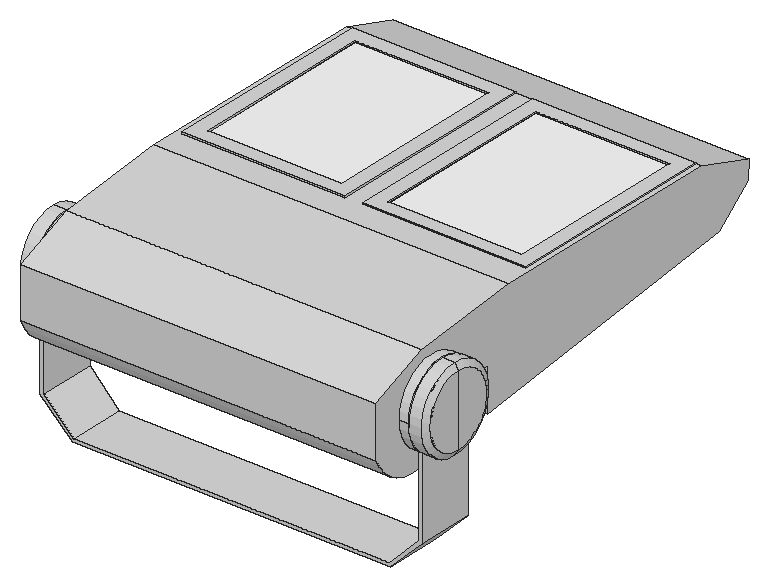
Revit family "0049113 Feilo Sylvania Lighting Fixture SYLVEO LED 12000LM WIDE 4K", category Lighting Fixtures, host Face, Revit 2017
Family settings
  Host = Face
  Round Connector Dimension = Use Diameter
  Part Type = Normal
  Cut with Voids When Loaded = No
  Light Source = No
  Shared = No
  Room Calculation Point = No
Parameters (values of type "0049113 SYLVEO LED 12000LM WIDE 4K")
  Weight = "8.366 kg"
  Wattage Comments = "n/a"
  WarrantyStartDate [instance] = "n/a"
  WarrantyGuarantorParts = "n/a"
  WarrantyDurationUnit = "n/a"
  WarrantyDurationParts = "n/a"
  WarrantyDescription = "n/a"
  Voltage = 230 V
  URL = "http://www.sylvania-lighting.com"
  TypeName = "SYLVEO LED 12000LM WIDE 4K"
  TypeBody_FEILO = Sylveo Large Body : 0049113 SYLVEO LED 12000LM WIDE 4K
  Type Image = <None>
  Type Comments = "n/a"
  TotalWidth = 344 mm
  TiltAngle [instance] = 0.00°
  StartAngle [instance] = -TiltAngle  # 0.00°
  SerialNumber [instance] = "n/a"
  PowerFactor = 0
  PowerConsumption = "121.5 W"
  NominalWidth = 0 mm
  NominalLength = 344 mm
  NominalHeight = 392 mm
  Name = "SYLVEO LED 12000LM WIDE 4K"
  ModelReference = "SYLVEO LED 12000LM WIDE 4K"
  ModelNumber = "0049113"
  Model = "SYLVEO LED 12000LM WIDE 4K"
  Material_4_FEILO = none
  Material_3_FEILO = none
  Material_2_FEILO = none
  Material_1_FEILO = Body-Sylvania-Sylveo-Aluminium
  Material = "aluminium housing, glass diffuser"
  ManufacturerName = "Feilo Sylvania"
  Manufacturer = "Feilo Sylvania"
  LuminousEfficacy = "108.3 lm/W"
  LuminaireType = ""
  LightOutputRatio = "100"
  LampsType = Lamp  # "LED"
  LampNominalLuminous = "13159 lm"
  LampMacAdamStep = "6"
  LampColourTemperature = "4000 K"
  LampColourRenderingIndex = "70"
  Lamp = "LED"
  Keynote = "16500"
  InstallationDate [instance] = "n/a"
  InputVoltage = "100-240V~"
  InputNominalFrequency = "50 Hz"
  IngressProtection = "IP66"
  ImpactProtectionIndex = "IK08"
  IfcExportType = "IfcLightFixtureType"
  IfcExportAs = "IfcLightFixtureType"
  HingeHeight = 121 mm
  ExpectedLife = 50000
  EndAngle [instance] = StartAngle + 180.00°  # 180.00°
  ElectricShockClassification = "Class I"
  DurationUnit = "hours"
  DocumentationLiterature = "http://www.sylvania-lighting.com/product/en-int/products/0049113"
  DimmingControlOptions = "Non dimmable"
  Description = "Exterior LED Floodlight, comes complete with a 1000mm cable and adjustable bracket, aluminium housing, clear glass diffuser, IP66, IK08, Class I, 4000K, Non-dimming, 13159lm, 122W, 108lm/W, 3600mA, CRI70, 52° beam angle, 50000hrs, (LxWxD) 98x344x392mm"
  Default Elevation = 1219.2 mm
  CreatedOn = "12/18/2017"
  CreatedBy = ""
  Cost = 0
  built-in parameter 1114216 [instance] = (empty or 0)
  ClassificationValue = "EF_70_80"
  ClassificationName = "Uniclass2015"
  Calculate Coefficient of Utilization = no
  BracketWidth = 48 mm
  BracketThickness = 3 mm
  BracketOuterWidth = BracketInnerWidth + 2 * BracketThickness  # 322 mm
  BracketInnerWidth = 316 mm
  BracketFold = 25 mm
  BracketExtrusionStart = -BracketWidth / 2  # -24 mm
  BracketExtrusionEnd = BracketWidth / 2  # 24 mm
  BarCode [instance] = "n/a"
  AssetType = "Fixed"
  AssetIdentifier [instance] = "n/a"
  Assembly Code = "D5020200"
  Apparent Load = 121.5 VA
Reference planes
  plane 1 "Center (Front/Back)": y = 0
  plane 2: z = 0
  plane 3 "Center (Left/Right)": x = 0
  plane 4: x = 158
  plane 5: x = -158
  plane 6: z = 121
  plane 7: x = 172
  plane 8: x = -172
  plane 9: z = 156
  plane 10: z = 86
  plane 11: x = 169
  plane 12: x = -169
  plane 13: x = 161
  plane 14: x = -161
  plane 15: z = 3
  plane 16: z = 28
  plane 17: x = 133
  plane 18: x = -133
  plane 19: z = 91
Forms (mm)
  Extrusion 1, solid, material "Body-Sylvania-Sylveo-Aluminium" <- "Material_1_FEILO"
    sketch origin (0, 0, 0) x (1, 0, 0) y (0, 0, 1)
      loop
        line (0, 3) -> (0, 0) -> (133.828, 0) -> (161, 27.172) -> (161, 121) -> (158, 121) -> (158, 28) -> (133, 3) -> (0, 3)
    from -24 <- "BracketExtrusionStart" to 24 <- "BracketExtrusionEnd"
  Extrusion 2, solid, material "Body-Sylvania-Sylveo-Aluminium" <- "Material_1_FEILO"
    sketch origin (0, 0, 0) x (-1, 0, 0) y (0, 0, -1)
      loop
        line (0, -3) -> (133, -3) -> (158, -28) -> (158, -121) -> (161, -121) -> (161, -27.172) -> (133.828, 0) -> (0, 0) -> (0, -3)
    from -24 <- "BracketExtrusionStart" to 24 <- "BracketExtrusionEnd"
  Revolve 3, solid, material "Body-Sylvania-Sylveo-Aluminium" <- "Material_1_FEILO"
    sketch origin (0, 0, 0) x (1, 0, 0) y (0, 0, 1)
      loop
        line (-158, 121) -> (-172, 121) -> (-172, 91) -> (-169, 86) -> (-158, 86) -> (-158, 121)
      axis (-158, 121) -> (-172, 121)
    angle from 0 to 360
  Revolve 4, solid, material "Body-Sylvania-Sylveo-Aluminium" <- "Material_1_FEILO"
    sketch origin (0, 0, 0) x (-1, 0, 0) y (0, 0, 1)
      loop
        line (-158, 121) -> (-172, 121) -> (-172, 91) -> (-169, 86) -> (-158, 86) -> (-158, 121)
      axis (-158, 121) -> (-172, 121)
    angle from 0 to 360
  Revolve 5, solid, not visible
    sketch origin (181.107, 0, 121) x (1, 0, 0) y (0, 1, 0)
      loop
        line (-191.101, 0) -> (-171.112, 0) -> (-171.112, 10) -> (-191.101, 10) -> (-191.101, 0)
      axis (-171.112, 0) -> (-191.101, 0)
    angle from 0 <- "StartAngle" to 180 <- "EndAngle"
Cuts and joins
  joined: Extrusion 1, Extrusion 2, Revolve 3, Revolve 4
Dimensions and locks
  equal spacing: plane 5, plane 3 "Center (Left/Right)", plane 4
  equal spacing: plane 7, plane 3 "Center (Left/Right)", plane 8
  "TotalWidth": plane 7 to plane 8
  "HingeHeight": plane 2 to plane 6
  equal spacing: plane 10, plane 6, plane 9
  locked: plane 10 to plane 9 at 70
  equal spacing: plane 11, plane 3 "Center (Left/Right)", plane 12
  locked: plane 11 to plane 12 at 338
  equal spacing: plane 13, plane 3 "Center (Left/Right)", plane 14
  "BracketThickness": plane 2 to plane 15
  equal spacing: plane 17, plane 3 "Center (Left/Right)", plane 18
  locked: plane 19 to plane 10 at 5
  locked: Revolve 5 sketch curve to Revolve 5 sketch curve at 10
  equal spacing: Revolve 5 sketch curve, plane 3 "Center (Left/Right)", Revolve 5 sketch curve
  locked: Revolve 5 sketch curve to Revolve 5 sketch curve at 19.988
  "BracketInnerWidth": plane 5 to plane 4
  "BracketOuterWidth": plane 13 to plane 14
  "BracketFold": plane 4 to plane 17
  "BracketFold": plane 15 to plane 16
  aligned and locked: plane 2 to host face
  aligned and locked: level to host face
  aligned and locked: Revolve 3 sketch curve to plane 10
  aligned and locked: Revolve 3 sketch curve to plane 8
  aligned and locked: plane 5 to Revolve 3 sketch curve
  aligned and locked: Revolve 3 sketch curve to plane 6  (x2)
  aligned and locked: Revolve 5 sketch curve to plane 1 "Center (Front/Back)"
  aligned and locked: plane 3 "Center (Left/Right)" to nested 1
Automatic sketch dimensions
  host sketch curve to host sketch curve = 2438.4 mm  (x2)
  Extrusion 1 sketch curve to plane 3 "Center (Left/Right)" = 0 mm  (x2)
  Extrusion 1 sketch curve to level = 0 mm  (x2)
  Extrusion 1 sketch curve to plane 15 = 0 mm
  Extrusion 1 sketch curve to plane 17 = 0 mm
  plane 4 to Extrusion 1 sketch curve = 0 mm
  Extrusion 1 sketch curve to plane 13 = 0 mm  (x2)
  Extrusion 1 sketch curve to plane 6 = 0 mm  (x2)
  Extrusion 1 sketch curve to plane 16 = 0 mm
  plane 17 to Extrusion 1 sketch curve = 0.828 mm
  Extrusion 1 sketch curve to plane 16 = 0.828 mm
  Extrusion 2 sketch curve to plane 3 "Center (Left/Right)" = 0 mm  (x2)
  Extrusion 2 sketch curve to level = 0 mm  (x2)
  Extrusion 2 sketch curve to plane 15 = 0 mm
  plane 18 to Extrusion 2 sketch curve = 0 mm
  plane 5 to Extrusion 2 sketch curve = 0 mm
  plane 14 to Extrusion 2 sketch curve = 0 mm  (x2)
  Extrusion 2 sketch curve to plane 6 = 0 mm  (x2)
  Extrusion 2 sketch curve to plane 16 = 0 mm
  Extrusion 2 sketch curve to plane 18 = 0.828 mm
  plane 16 to Extrusion 2 sketch curve = 0.828 mm
  plane 12 to Revolve 3 sketch curve = 0 mm
  Revolve 3 sketch curve to plane 19 = 0 mm
  plane 8 to Revolve 3 sketch curve = 77.715 mm
  plane 7 to Revolve 3 sketch curve = 78.607 mm
  Revolve 4 sketch curve to plane 6 = 0 mm  (x2)
  Revolve 4 sketch curve to plane 7 = 0 mm
  Revolve 4 sketch curve to plane 10 = 0 mm
  Revolve 4 sketch curve to plane 11 = 0 mm
  plane 4 to Revolve 4 sketch curve = 0 mm
  Revolve 4 sketch curve to plane 19 = 0 mm
  Revolve 4 sketch curve to Revolve 4 sketch curve = 77.715 mm
  Revolve 4 sketch curve to plane 8 = 78.607 mm
  plane 1 "Center (Front/Back)" to Revolve 5 sketch curve = 0 mm
  plane 8 to Revolve 5 sketch curve = 1421.5 mm
  plane 7 to Revolve 5 sketch curve = 1421.5 mm
Nested families
  nested 1: "Sylveo Large Body" at (0, 0, 121), type <- "TypeBody_FEILO", type "0049113 SYLVEO LED 12000LM WIDE 4K"
Definition of nested family "Sylveo Large Body"
  Parameters (values of type "0049144 SYLVEO LED 12000LM RASYM 4K DALI ")
    Wattage = 120 W
    built-in parameter 1150110 = 1 (stored number, unit not read)
    VoidExtrusionStart = -BodyWidth / 2  # -158 mm
    URL = "http://www.feilosylvania.com"
    Type Comments = "n/a"
    built-in parameter 1114217 = 1 (stored number, unit not read)
    TiltAngle = 0.00°
    Tilt Angle = -90.00°
    built-in parameter 1150109 = 1 (stored number, unit not read)
    built-in parameter 1150134 = 12
    built-in parameter 1150113 = 1 (stored number, unit not read)
    Photometric Web File = "0049144.ies"
    Material_3_FEILO = none
    Model = "SYLVEO LED 12000LM RASYM 4K DALI"
    Manufacturer = "Feilo Sylvania"
    built-in parameter 1150105 = 6486.1 (stored number, unit not read)
    Lumens = 12552 lm
    built-in parameter 1150115 = 1 (stored number, unit not read)
    built-in parameter 1150137 = (empty or 0)
    built-in parameter 1150139 = (empty or 0)
    built-in parameter 1150112 = 1 (stored number, unit not read)
    built-in parameter 1150114 = 1 (stored number, unit not read)
    Lamp = "LED"
    Keynote = "16500"
    built-in parameter 1150132 = (empty or 0)
    built-in parameter 1150102 = (empty or 0)
    built-in parameter 1150107 = 4000 (stored number, unit not read)
    built-in parameter 1150138 = (empty or 0)
    built-in parameter 1150106 = 64.861 (stored number, unit not read)
    HingeRadius = 35 mm
    HingeFromTop = 51.5 mm
    Material_2_FEILO = none
    Emit from Rectangle Width = 155.3 mm
    Emit from Rectangle Length = 265 mm
    Emit Shape Visible in Rendering = no
    built-in parameter 1150104 = 9.7177 (stored number, unit not read)
    Dimming Lamp Color Temperature Shift = (empty or 0)
    Description = "Exterior LED floodlight, comes complete with a 1000mm cable and adjustable bracket, aluminium housing, clear glass diffuser, 12547lm, 120W, 104lm/W, 4000K, 3570mA, CRI70, 52°x117° beam angle, DALI dimmable, IP66, IK08, Class I, 50000hrs, (LxWxD) 98x344x392mm"
    Default Elevation = 1219.2 mm
    Cost = 0
    Color Filter = 16777215
    BodyWidthTop = 299 mm
    Material_1_FEILO = none
    BodyWidth = 316 mm
    BodyHeight = 392 mm
    BodyExtrusionStart = -(BodyDepth - HingeFromTop)  # -46.5 mm
    BodyExtrusionEnd = HingeFromTop  # 51.5 mm
    BodyDepth = 98 mm
    built-in parameter 1114218 = 1 (stored number, unit not read)
    built-in parameter 1150133 = 10 (stored number, unit not read)
    Assembly Code = "D5020200"
    Material_4_FEILO = none
    Apparent Load = 120 VA
  Types (9, lengths in mm): name | Wattage | built-in parameter 1150134 | Photometric Web File | Model | built-in parameter 1150105 | Lumens | built-in parameter 1150107 | built-in parameter 1150106 | built-in parameter 1150104 | Description | Apparent Load
    0049144 SYLVEO LED 12000LM RASYM 4K DALI | 120 W | 12 | "0049144.ies" | "SYLVEO LED 12000LM RASYM 4K DALI" | 6486.1 (stored number, unit not read) | 12552 lm | 4000 (stored number, unit not read) | 64.861 (stored number, unit not read) | 9.7177 (stored number, unit not read) | "Exterior LED floodlight, comes complete with a 1000mm cable and adjustable bracket, aluminium housing, clear glass diffuser, 12547lm, 120W, 104lm/W, 4000K, 3570mA, CRI70, 52°x117° beam angle, DALI dimmable, IP66, IK08, Class I, 50000hrs, (LxWxD) 98x344x392mm" | 120 VA
    0049143 SYLVEO LED 12000LM WIDE 4K DALI | 121 W | 12 | "0049143.ies" | "SYLVEO LED 12000LM WIDE 4K DALI" | 16096.1 (stored number, unit not read) | 13225.3 lm | 4000 (stored number, unit not read) | 160.96 (stored number, unit not read) | 10.154 (stored number, unit not read) | "Exterior LED floodlight, comes complete with a 1000mm cable and adjustable bracket, aluminium housing, clear glass diffuser, 13222lm, 120W, 109lm/W, 4000K, 3570mA, CRI70, 52° beam angle, DALI dimmable, IP66, IK08, Class I, 50000hrs, (LxWxD) 98x344x392mm" | 121 VA
    0049142 SYLVEO LED 12000LM NAR 4K DALI | 121 W | 12 | "0049142.ies" | "SYLVEO LED 12000LM NAR 4K DALI" | 29878.8 (stored number, unit not read) | 12838.1 lm | 4000 (stored number, unit not read) | 298.79 (stored number, unit not read) | 9.857 (stored number, unit not read) | "Exterior LED floodlight, comes complete with a 1000mm cable and adjustable bracket, aluminium housing, clear glass diffuser, 12833lm, 121W, 106lm/W, 4000K, 3570mA, 30° beam angle, CRI70, DALI dimmable, IP66, IK08, Class I, 50000hrs, (LxWxD) 98x344x392mm" | 121 VA
    0049117 SYLVEO LED 12000LM RASYM 3K | 120.6 W | (empty or 0) | "0049117.ies" | "SYLVEO LED 12000LM RASYM 3K" | 6411.7 (stored number, unit not read) | 12409.7 lm | 3000 (stored number, unit not read) | 64.117 (stored number, unit not read) | 9.5597 (stored number, unit not read) | "Exterior LED Floodlight, comes complete with a 1000mm cable and adjustable bracket, aluminium housing, clear glass diffuser, IP66, IK08, Class I, 3000K, Non-dimming, 12412lm, 121W, 103lm/W, 3600mA, CRI70, 52°x117° beam angle, 50000hrs, (LxWxD) 98x344x392mm" | 120.6 VA
    0049116 SYLVEO LED 12000LM WIDE 3K | 120.2 W | (empty or 0) | "0049116.ies" | "SYLVEO LED 12000LM WIDE 3K" | 15595 (stored number, unit not read) | 12392.6 lm | 3000 (stored number, unit not read) | 155.95 (stored number, unit not read) | 9.5783 (stored number, unit not read) | "Exterior LED Floodlight, comes complete with a 1000mm cable and adjustable bracket, aluminium housing, clear glass diffuser, IP66, IK08, Class I, 3000K, Non-dimming, 12393lm, 120W, 103lm/W, 3600mA, CRI70, 52° beam angle, 50000hrs, (LxWxD) 98x344x392mm" | 120.2 VA
    0049115 SYLVEO LED 12000LM NAR 3K | 121.3 W | (empty or 0) | "0049115.ies" | "SYLVEO LED 12000LM NAR 3K" | 29900.5 (stored number, unit not read) | 12154.3 lm | 3000 (stored number, unit not read) | 299 (stored number, unit not read) | 9.3089 (stored number, unit not read) | "Exterior LED Floodlight, comes complete with a 1000mm cable and adjustable bracket, aluminium housing, clear glass diffuser, IP66, IK08, Class I, 3000K, Non-dimming, 12149lm, 121W, 100lm/W, 3600mA, CRI70, 30° beam angle, 50000hrs, (LxWxD) 98x344x392mm" | 121.3 VA
    0049114 SYLVEO LED 12000LM RASYM 4K | 121.5 W | 12 | "0049114.ies" | "SYLVEO LED 12000LM RASYM 4K" | 6754.6 (stored number, unit not read) | 13073.4 lm | 4000 (stored number, unit not read) | 67.546 (stored number, unit not read) | 9.9964 (stored number, unit not read) | "Exterior LED Floodlight, comes complete with a 1000mm cable and adjustable bracket, aluminium housing, clear glass diffuser, IP66, IK08, Class I, 4000K, Non-dimming, 13073lm, 122W, 108lm/W, 3600mA, CRI70, 52°x117° beam angle, 50000hrs, (LxWxD) 98x344x392mm" | 121.5 VA
    0049113 SYLVEO LED 12000LM WIDE 4K | 121.5 W | 12 | "0049113.ies" | "SYLVEO LED 12000LM WIDE 4K" | 15077 (stored number, unit not read) | 13158.5 lm | 4000 (stored number, unit not read) | 150.77 (stored number, unit not read) | 10.061 (stored number, unit not read) | "Exterior LED Floodlight, comes complete with a 1000mm cable and adjustable bracket, aluminium housing, clear glass diffuser, IP66, IK08, Class I, 4000K, Non-dimming, 13159lm, 122W, 108lm/W, 3600mA, CRI70, 52° beam angle, 50000hrs, (LxWxD) 98x344x392mm" | 121.5 VA
    0049112 SYLVEO LED 12000LM NAR 4K | 120.7 W | 12 | "0049112.ies" | "SYLVEO LED 12000LM NAR 4K" | 28932.3 (stored number, unit not read) | 12637.3 lm | 4000 (stored number, unit not read) | 289.32 (stored number, unit not read) | 9.7269 (stored number, unit not read) | "Exterior LED Floodlight, comes complete with a 1000mm cable and adjustable bracket, aluminium housing, clear glass diffuser, IP66, IK08, Class I, 4000K, Non-dimming, 12637lm, 121W, 105lm/W, 4000K, 3600mA, CRI70, 30° beam angle, 50000hrs, (LxWxD) 98x344x392mm" | 120.7 VA
  Reference planes
    plane 1 "Center (Front/Back)": y = 0
    plane 2: z = 0
    plane 3 "Center (Left/Right)": x = 0
    plane 4: y = 333.243
    plane 5: y = 313.009
    plane 6: y = 284.289
    plane 7: y = 271.887
    plane 8: y = 116.539
    plane 9: y = 104.79
    plane 10: y = 81.292
    plane 11: y = 43.434
    plane 12: y = 35
    plane 13: y = -35
    plane 14: y = -58.757
    plane 15: x = -132.503
    plane 16: x = -19.582
    plane 17: x = 19.582
    plane 18: x = 132.503
    plane 19: x = -3.59
    plane 20: x = 3.59
    plane 21: x = -149.5
    plane 22: x = 149.5
    plane 23: x = -158
    plane 24: x = 158
    plane 25: y = -10.721
    plane 26: z = 22.496
    plane 27: z = -20
    plane 28: y = -20.127
    plane 29: y = 49.579
    plane 30: y = 58.954
    plane 31: z = -40.407
    plane 32: z = -36.657
    plane 33: y = 302.105
    plane 34: z = -6.225
    plane 35: z = 35.293
    plane 36: z = 19.043
    plane 37: z = 42.496
    plane 38: x = -144.5
    plane 39: x = 144.5
    plane 40: x = -7.34
    plane 41: x = 7.34
    plane 42: y = 194.213
  Forms (mm)
    Extrusion 1, solid
      sketch origin (-0.8, 0, 0) x (1, 0, 0) y (0, 1, 0)
        loop
          line (-1219.2, 1219.2) -> (-1219.2, -1219.2) -> (1219.2, -1219.2) -> (1219.2, 1219.2) -> (-1219.2, 1219.2)
      from 0 to -304.8
    Revolve 2, solid, material <- "Material_1_FEILO"
      sketch origin (0, 0, 0) x (1, 0, 0) y (0, 1, 0)
        loop
          line (-158, 35) -> (-158, 0) -> (-149.5, 0) -> (-149.5, 35) -> (-158, 35)
        loop
          line (158, 0) -> (158, 35) -> (149.5, 35) -> (149.5, 0) -> (158, 0)
        axis (158, 0) -> (-158, 0)
      angle from 0 to 360
    Extrusion 3, solid, material <- "Material_1_FEILO"
      sketch origin (0, 0, 0) x (1, 0, 0) y (0, 1, 0)
        loop
          line (-149.5, 333.243) -> (-149.5, -58.757) -> (149.5, -58.757) -> (149.5, 333.243) -> (-149.5, 333.243)
      from -46.5 <- "BodyExtrusionStart" to 51.5 <- "BodyExtrusionEnd"
    Extrusion 4, void
      sketch origin (0, 0, 0) x (0, 1, 0) y (0, 0, 1)
        loop
          line (81.292, 51.5) -> (-58.757, 51.5) -> (-58.757, 22.496) -> (-10.721, 42.496) -> (81.292, 51.5)
        loop
          line (-58.757, -20) -> (-58.757, -46.5) -> (-20.127, -46.5)
          arc (-20.127, -46.5) -> (-43.549, -39.238) -> (-58.757, -20) r 41.406
      from -158 <- "VoidExtrusionStart" to 316 <- "BodyWidth"
    Extrusion 5, void, detail levels medium+fine
      sketch origin (0, 0, 0) x (0, 1, 0) y (0, 0, 1)
        loop
          line (-20.127, -46.5) -> (333.243, -46.5) -> (333.243, 19.043) -> (302.105, -6.225) -> (58.954, -36.657) -> (58.954, 0) -> (49.579, 0) -> (49.579, -40.407) -> (-20.127, -46.5)
        loop
          line (333.243, 51.5) -> (284.289, 51.5)
          arc (284.289, 51.5) -> (309.162, 44.591) -> (333.243, 35.293) r 264.729
          line (333.243, 35.293) -> (333.243, 51.5)
      from -158 <- "VoidExtrusionStart" to 316 <- "BodyWidth"
    Extrusion 6, solid, material <- "Material_1_FEILO", detail levels medium+fine
      sketch origin (0, 0, 51.5) x (1, 0, 0) y (0, 1, 0)
        loop
          line (-144.5, 284.289) -> (-144.5, 104.79) -> (-7.34, 104.79) -> (-7.34, 284.289) -> (-144.5, 284.289)
        loop
          line (7.34, 284.289) -> (7.34, 104.79) -> (144.5, 104.79) -> (144.5, 284.289) -> (7.34, 284.289)
        loop
          line (19.582, 271.887) -> (19.582, 116.539) -> (132.503, 116.539) -> (132.503, 271.887) -> (19.582, 271.887)
        loop
          line (-19.582, 116.539) -> (-19.582, 271.887) -> (-132.503, 271.887) -> (-132.503, 116.539) -> (-19.582, 116.539)
      from 0 to 1
    Extrusion 7, void
      sketch origin (0, 0, 51.5) x (0, 1, 0) y (1, 0, 0)
        loop
          line (271.887, -132.503) -> (271.887, -19.582) -> (116.539, -19.582) -> (116.539, -132.503) -> (271.887, -132.503)
        loop
          line (116.539, 19.582) -> (271.887, 19.582) -> (271.887, 132.503) -> (116.539, 132.503) -> (116.539, 19.582)
      from 0 to 10
    Extrusion 8, solid, material <- "Material_2_FEILO"
      sketch origin (0, 0, 51.5) x (1, 0, 0) y (0, 1, 0)
        loop
          line (-132.503, 271.887) -> (-132.503, 116.539) -> (-19.582, 116.539) -> (-19.582, 271.887) -> (-132.503, 271.887)
        loop
          line (19.582, 116.539) -> (132.503, 116.539) -> (132.503, 271.887) -> (19.582, 271.887) -> (19.582, 116.539)
      from 0 to -1
  Cuts and joins
    Extrusion 4, Extrusion 5, Extrusion 7 cuts Revolve 2
    Extrusion 4, Extrusion 5, Extrusion 7 cuts Extrusion 3
    joined: Revolve 2, Extrusion 3
  Dimensions and locks
    equal spacing: plane 19, plane 3 "Center (Left/Right)", plane 20
    equal spacing: plane 16, plane 3 "Center (Left/Right)", plane 17
    equal spacing: plane 15, plane 3 "Center (Left/Right)", plane 18
    locked: plane 16 to plane 17 at 39.163
    locked: plane 19 to plane 20 at 7.18
    locked: plane 15 to plane 18 at 265.006
    locked: plane 7 to plane 8 at 155.348
    locked: plane 6 to plane 9 at 179.499
    locked: plane 5 to plane 10 at 231.717
    "BodyHeight": plane 4 to plane 14
    equal spacing: plane 12, plane 1 "Center (Front/Back)", plane 13
    "HingeRadius": plane 12 to plane 1 "Center (Front/Back)"
    equal spacing: plane 21, plane 3 "Center (Left/Right)", plane 22  (x2)
    equal spacing: plane 23, plane 3 "Center (Left/Right)", plane 24
    "BodyWidth": plane 23 to plane 24
    "BodyWidthTop": plane 21 to plane 22
    locked: plane 1 "Center (Front/Back)" to plane 14 at 58.757
    locked: plane 1 "Center (Front/Back)" to plane 11 at 43.434
    locked: plane 1 "Center (Front/Back)" to plane 10 at 81.292
    locked: plane 9 to plane 1 "Center (Front/Back)" at 104.79
    locked: plane 8 to plane 1 "Center (Front/Back)" at 116.539
    equal spacing: plane 38, plane 3 "Center (Left/Right)", plane 39
    equal spacing: plane 40, plane 3 "Center (Left/Right)", plane 41
    equal spacing: plane 7, plane 42, plane 8, locked at 77.674 each
    aligned and locked: plane 2 to Extrusion 1
    aligned and locked: level to Extrusion 1
    aligned and locked: Revolve 2 sketch curve to plane 1 "Center (Front/Back)"  (x3)
    aligned and locked: Revolve 2 sketch curve to plane 12  (x2)
    aligned and locked: Revolve 2 sketch curve to plane 23
    aligned and locked: Revolve 2 sketch curve to plane 21
    aligned and locked: plane 24 to Revolve 2 sketch curve
    aligned and locked: plane 22 to Revolve 2 sketch curve
    aligned and locked: Extrusion 3 sketch curve to plane 4
    aligned and locked: plane 21 to Extrusion 3 sketch curve
    aligned and locked: plane 14 to Extrusion 3 sketch curve
    aligned and locked: Extrusion 3 sketch curve to plane 22
    aligned and locked: plane 10 to Extrusion 4 sketch curve
    aligned and locked: plane 25 to Extrusion 4 sketch curve
    aligned and locked: plane 14 to Extrusion 4 sketch curve
    aligned and locked: Extrusion 4 sketch curve to cut or joined group of Revolve 2, Extrusion 3, Extrusion 4, Extrusion 5, Extrusion 7  (x2)
    aligned and locked: Extrusion 5 sketch curve to plane 29
    aligned and locked: Extrusion 5 sketch curve to level
    aligned and locked: plane 32 to Extrusion 5 sketch curve
    aligned and locked: Extrusion 5 sketch curve to plane 30
    aligned and locked: plane 34 to Extrusion 5 sketch curve
    aligned and locked: plane 36 to Extrusion 5 sketch curve
    aligned and locked: Extrusion 5 sketch curve to plane 4
    aligned and locked: plane 6 to Extrusion 5 sketch curve
    aligned and locked: plane 9 to Extrusion 6 sketch curve  (x2)
    aligned and locked: Extrusion 6 sketch curve to plane 6
    aligned and locked: Extrusion 6 sketch curve to plane 7  (x2)
    aligned and locked: plane 17 to Extrusion 6 sketch curve
    aligned and locked: plane 8 to Extrusion 6 sketch curve  (x2)
    aligned and locked: Extrusion 6 sketch curve to plane 18
    aligned and locked: Extrusion 6 sketch curve to plane 16
    aligned and locked: plane 15 to Extrusion 6 sketch curve
    aligned and locked: plane 38 to Extrusion 6 sketch curve
    aligned and locked: Extrusion 6 sketch curve to plane 39
    aligned and locked: Extrusion 6 sketch curve to plane 40
    aligned and locked: plane 41 to Extrusion 6 sketch curve
    aligned and locked: Extrusion 7 sketch curve to Extrusion 6  (x8)
    aligned and locked: Extrusion 8 sketch curve to cut or joined group of Revolve 2, Extrusion 3, Extrusion 4, Extrusion 5, Extrusion 7  (x8)
    aligned and locked: imposter light to plane 42
    aligned and locked: imposter light to plane 3 "Center (Left/Right)"
    aligned and locked: imposter light to Extrusion 6
  Automatic sketch dimensions
    Extrusion 1 sketch curve to Extrusion 1 sketch curve = 2438.4 mm  (x2)
    plane 23 to Revolve 2 sketch curve = 1366 mm
    Revolve 2 sketch curve to plane 24 = 1366 mm
    Extrusion 4 sketch curve to plane 14 = 0 mm
    Extrusion 4 sketch curve to plane 28 = 0 mm
    Extrusion 4 sketch curve to plane 27 = 0 mm
    Extrusion 4 sketch curve to plane 26 = 0 mm
    Extrusion 4 sketch curve to plane 37 = 0 mm
    Extrusion 5 sketch curve to plane 33 = 0 mm
    Extrusion 5 sketch curve to plane 31 = 0 mm
    plane 35 to Extrusion 5 sketch curve = 0 mm
    Extrusion 5 sketch curve to plane 7 = 45.926 mm
    Extrusion 5 sketch curve to plane 28 = 0 mm
    Extrusion 5 sketch curve to plane 4 = 0 mm
    Extrusion 5 sketch curve to plane 31 = 6.093 mm
    Extrusion 5 sketch curve to plane 31 = 166.316 mm
    Extrusion 6 sketch curve to Extrusion 6 sketch curve = 0 mm
